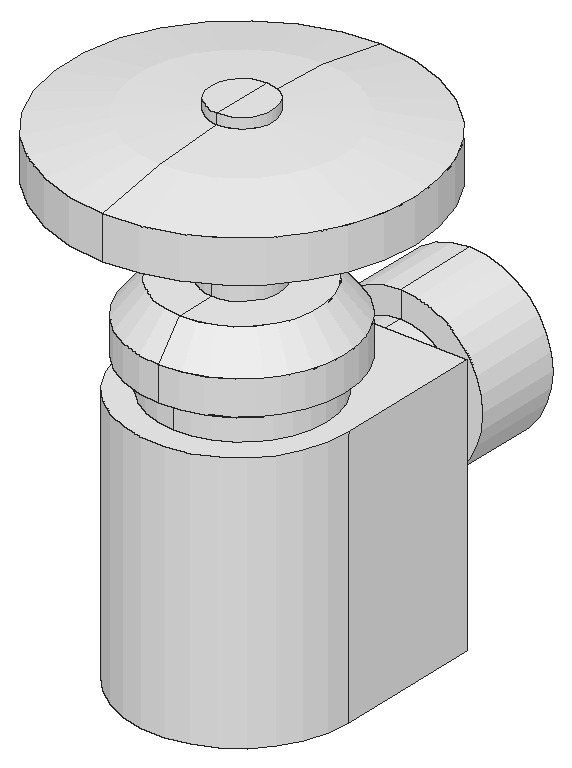
Revit family "Check_Valves-Integral-McGuire-LFCK02", category Plumbing Fixtures, host Face, Revit 2018
Family settings
  Host = Face
  Round Connector Dimension = Use Radius
  Part Type = Normal
  OmniClass Number = 23.45.55.11
  OmniClass Title = Sanitary Components
  Cut with Voids When Loaded = No
  Shared = Yes
  Room Calculation Point = No
Parameters (values of type "LFCK02")
  Waste Connection = no
  Warranty Information = "15 Year Limited Warranty"
  WFU = 0
  Vent Connection = no
  URL = "http://www.mcguiremfg.com/"
  Type Comments = ""
  Product Page URL = "https://www.mcguiremfg.com/lfck02-1/2-ips-x-3/8-od"
  Product Documentation Link = "https://d163axztg8am2h.cloudfront.net/static/doc/6c/94/d61f10070f364adf7b1b6779fd5e.pdf"
  Price = "Prices may vary. Please consult Manufacturer Representative for most up-to-date price list."  # constant formula
  Outlet Radius = 3/16"
  Outlet Diameter = Outlet Radius * 2  # 3/8"
  Model = "LFCK02"
  Material = Brass-McGuire-Low Lead-Chrome Plated
  Manufacturer = "McGuire Manufacturing"
  Length = 1 1/2"
  Inlet Radius = 1/4"
  Inlet Diameter = Inlet Radius * 2  # 1/2"
  IAPMO Compliance = "cUPC Low Lead"
  Height = 1 3/16"
  HWFU = 1.5
  HW Connection = yes
  Description = "LFCK02: 1/2 IPS X 3/8 OD"
  Default Elevation = 0"
  Creation Date = "8/12/20"  # constant formula
  CWFU = 1.5
  CW Connection = yes
  Assembly Code = "D2020300"
Reference planes (in)
  plane 1 "Center (Front/Back)": y = 0
  plane 2: z = 0
  plane 3 "Center (Left/Right)": x = 0
  plane 4: z = 1.49671
  plane 5: z = 0.74671
  plane 6: y = 1.1875
Forms (in)
  Revolve 1, solid, material "Brass-McGuire-Low Lead-Chrome Plated"
    sketch origin (0, 0, 0) x (0, 1, 0) y (0, 0, 1)
      loop
        line (0, 0) -> (0.35246, 0) -> (0.35246, 1.17424) -> (0.43083, 1.21948) -> (0.43083, 1.36171) -> (0.3215, 1.49671) -> (0.15423, 1.49671) -> (0.15423, 1.76254)
        arc (0.15423, 1.76254) -> (0.20282, 1.78267) -> (0.22295, 1.83126) r 0.06872
        line (0.22295, 1.83126) -> (0.22295, 1.87635) -> (0.72295, 1.87635) -> (0.72295, 2.05265)
        arc (0.72295, 2.05265) -> (0.42837, 2.10835) -> (0.12907, 2.12557) r 2.31836
        line (0.12907, 2.12557) -> (0.12907, 2.16871) -> (0, 2.16871) -> (0, 0)
      axis (0, 0) -> (0, 2.16871)
    angle from 0 to 360
  Extrusion 2, solid, material "Brass-McGuire-Low Lead-Chrome Plated"
    sketch origin (0, 0, 0) x (1, 0, 0) y (0, 1, 0)
      loop
        line (-0.45293, 0.6042) -> (-0.45293, -0.00892)
        arc (-0.45293, -0.00892) -> (0, -0.46185) -> (0.45293, -0.00892) r 0.45293
        line (0.45293, -0.00892) -> (0.45293, 0.6042) -> (-0.45293, 0.6042)
    from 0 to 1.08477
  Revolve 3, solid, material "Brass-McGuire-Low Lead-Chrome Plated"
    sketch origin (0, 0.4375, 0) x (0, -1, 0) y (0, 0, 1)
      loop
        line (0.21802, 0.74671) -> (0.21802, 0.98168) -> (-0.38909, 0.98168) -> (-0.38909, 1.09106) -> (-0.75, 1.09106) -> (-0.75, 0.74671) -> (0.21802, 0.74671)
      axis (0.21802, 0.74671) -> (-0.75, 0.74671)
    angle from 0 to 360
Dimensions and locks (in)
  plane 4 to plane 2 = 1.49671"  (x2)
  plane 5 to plane 2 = 0.74671"  (x2)
  plane 1 "Center (Front/Back)" to plane 6 = 1 3/16"
  aligned and locked: plane 2 to host face
  aligned and locked: level to host face
Connectors (in)
  piping at (0, 0, 0), diameter 0.5, driven by "Inlet Radius"
    settings: on Revolve 1, index 1, connector inside diameter 24", connector length 0", flow factor 0, pipe flow 0 GPM, pressure drop 0.00 psi, fitting loss kfactor 0, connector angle 0.00°, fixture units 0, engagement length 0", angle of deflection 0.00°, flow configuration 0, flow direction 1, fitting loss method 0, system type 29, joint type 0, gender type 0, connector reference index -1, connector utility 0, adjustable connector no, is connector primary yes, connector description "1/2\" IPS Inlet"
  piping at (0, 1.1875, 0.74671), diameter 0.375, driven by "Outlet Radius"
    settings: on Revolve 3, index 2, connector inside diameter 24", connector length 0", flow factor 0, pipe flow 0 GPM, pressure drop 0.00 psi, fitting loss kfactor 0, connector angle 0.00°, fixture units 0, engagement length 0", angle of deflection 0.00°, flow configuration 0, flow direction 2, fitting loss method 0, system type 29, joint type 0, gender type 0, connector reference index -1, connector utility 0, adjustable connector no, is connector primary no, connector description "3/8\" OD Connection"
